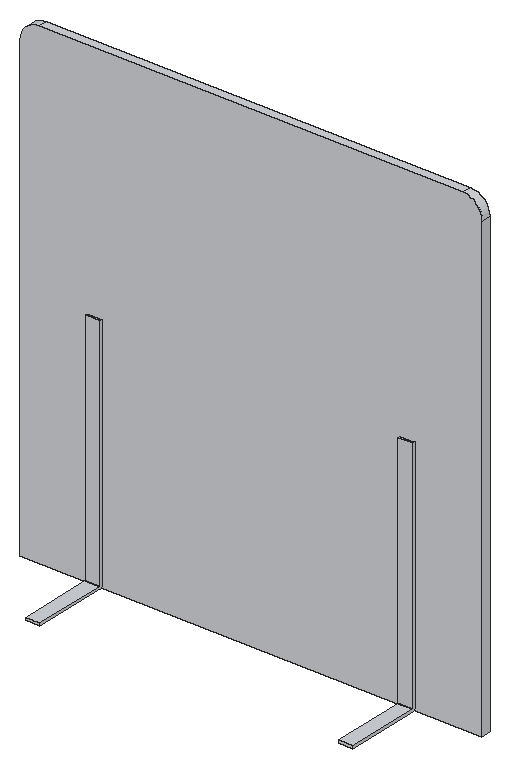
Revit family "PA131-48x50x1", category Furniture Systems, Revit 2019
Family settings
  Round Connector Dimension = Use Diameter
  Part Type = Normal
  Work Plane-Based = No
  Always vertical = Yes
  Cut with Voids When Loaded = No
  Shared = No
  Room Calculation Point = No
Parameters
  URL = "https://fomcore.com/"
  Trim = none
  Panel = none
  Model = "PA131-48x50x1"
  Manufacturer = "FOMCORE"
  Description = "Cafe Series - Café Separator"
Reference planes (in)
  plane 1 "Center F/B": y = 0
  plane 2: z = 0
  plane 3 "Center L/R": x = 0
  plane 4: x = 23.99851
  plane 5: x = -23.99851
  plane 6: y = 4.5
  plane 7: y = -4.5
Forms (in)
  Extrusion 1, solid, material <- "Panel"
    sketch origin (0, 0, 0) x (1, 0, 0) y (0, 0, 1)
      loop
        line (23.99851, 0) -> (23.99851, 48)
        arc (23.99851, 48) -> (23.41272, 49.41421) -> (21.9985, 50) r 2
        line (21.9985, 50) -> (-22, 50)
        arc (-22, 50) -> (-23.41421, 49.41421) -> (-24, 48) r 2
        line (-24, 48) -> (-24, 0) -> (23.99851, 0)
    from -4.5 to -3.5
  Extrusion 2, solid, material <- "Trim"
    sketch origin (0, 0, 0) x (0, 1, 0) y (0, 0, 1)
      loop
        line (3.50241, 24.99926) -> (3.25044, 24.99926) -> (3.25044, 0.27953)
        arc (3.25044, 0.27953) -> (3.24237, 0.26004) -> (3.22288, 0.25197) r 0.02756
        line (3.22288, 0.25197) -> (-4.5, 0.25197) -> (-4.5, 0) -> (3.22288, 0)
        arc (3.22288, 0) -> (3.42053, 0.08187) -> (3.50241, 0.27953) r 0.27953
        line (3.50241, 0.27953) -> (3.50241, 24.99926)
    from 15.49817 to 16.99817
  Extrusion 3, solid, material <- "Trim"
    sketch origin (0, 0, 0) x (0, 1, 0) y (0, 0, -1)
      loop
        line (3.50241, -24.99926) -> (3.50241, -0.27953)
        arc (3.50241, -0.27953) -> (3.42053, -0.08187) -> (3.22288, 0) r 0.27953
        line (3.22288, 0) -> (-4.5, 0) -> (-4.5, -0.25197) -> (3.22288, -0.25197)
        arc (3.22288, -0.25197) -> (3.24237, -0.26004) -> (3.25044, -0.27953) r 0.02756
        line (3.25044, -0.27953) -> (3.25044, -24.99926) -> (3.50241, -24.99926)
    from 15.49817 to 16.99817
  Extrusion 4, solid, material <- "Trim"
    sketch origin (0, 0, 0) x (1, 0, 0) y (0, 0, 1)
      loop
        arc (16.73439, 23.74335) -> (16.25014, 24.2276) -> (15.76589, 23.74335) r 0.48425
        line (15.76589, 23.74335) -> (15.76589, 21.98802)
        arc (15.76589, 21.98802) -> (16.25014, 21.50377) -> (16.73439, 21.98802) r 0.48425
        line (16.73439, 21.98802) -> (16.73439, 23.74335)
      loop
        arc (16.73439, 4.49335) -> (16.25014, 4.9776) -> (15.76589, 4.49335) r 0.48425
        line (15.76589, 4.49335) -> (15.76589, 2.73802)
        arc (15.76589, 2.73802) -> (16.25014, 2.25377) -> (16.73439, 2.73802) r 0.48425
        line (16.73439, 2.73802) -> (16.73439, 4.49335)
      loop
        line (-16.73439, 23.74335) -> (-16.73439, 21.98802)
        arc (-16.73439, 21.98802) -> (-16.25014, 21.50377) -> (-15.76589, 21.98802) r 0.48425
        line (-15.76589, 21.98802) -> (-15.76589, 23.74335)
        arc (-15.76589, 23.74335) -> (-16.25014, 24.2276) -> (-16.73439, 23.74335) r 0.48425
      loop
        line (-16.73439, 4.49335) -> (-16.73439, 2.73802)
        arc (-16.73439, 2.73802) -> (-16.25014, 2.25377) -> (-15.76589, 2.73802) r 0.48425
        line (-15.76589, 2.73802) -> (-15.76589, 4.49335)
        arc (-15.76589, 4.49335) -> (-16.25014, 4.9776) -> (-16.73439, 4.49335) r 0.48425
    from -4.5 to -4.70472
Dimensions and locks (in)
  plane 6 to plane 7 = 0' - 9"
  plane 5 to plane 4 = 3' - 11.99701"
  aligned and locked: level to plane 2
